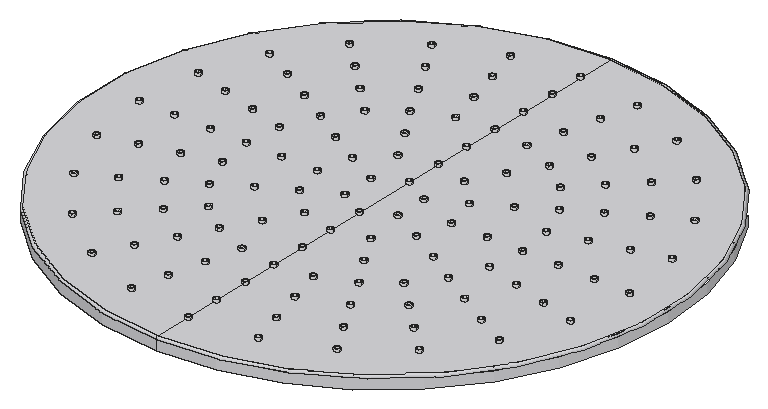
Revit family "Shower-Showerhead-KOHLER-Katalyst-K-99888T", category Plumbing Fixtures, host Face, Revit 2017
Family settings
  Host = Face
  Round Connector Dimension = Use Diameter
  Part Type = Normal
  OmniClass Number = 23.31.17.00
  OmniClass Title = Showers
  Cut with Voids When Loaded = No
  Shared = No
  Room Calculation Point = No
Parameters (values of type "CP- Polished Chrome")
  Width = 15 101/128"  # constant formula
  WaterSense Certified = 1 = 0  # no
  Waste Water Outlet = "Waste Water Outlet"  # constant formula
  Waste Connection = 1 = 0  # no
  Vent Connection = 1 = 0  # no
  URL = "http://www.kohler.com.cn/"
  Type = 1
  Tempered Water Inlet = "Tempered Water Inlet"  # constant formula
  Product Page URL = "https://www.kohler.com.cn/product/K-99888T-L-CP/K-99888T-L-CP/"
  Product Name = "KATALYST"  # constant formula
  Product Documentation Link = "https://files.kohler.com.cn/pdfs/1498801060247_99888T-L-CP.pdf"
  Pressure = 60.00 psi  # constant formula
  Model = "K-99888T-L-CP"  # constant formula
  Material = "Premium Metal Construction"  # constant formula
  Master Format 2014 Name = "Residential Showers"  # constant formula
  Master Format 2014 = "22 42 23"  # constant formula
  Manufacturer Address = "Kohler Beijing Office (100016) 36-2-03-B, No. 88, Liuxiang Road, Beijing"  # constant formula
  Manufacturer = "KOHLER Co."  # constant formula
  Length = 15 101/128"  # constant formula
  Hot Water Inlet = "Hot Water Inlet"  # constant formula
  Height = 2 73/256"  # constant formula
  HW Connection = 1 = 1  # yes
  Flow Rate = 6.5 GPM  # constant formula
  Finish = Kohler-Metal-CP-Polished_Chrome
  Environmental Product Declaration = ""
  Drain Included = 1 = 0  # no
  Description = "16' ROUND RAIN SHOWER"  # constant formula
  Default Elevation = 0"
  Declare Label = ""
  Date Modified = "12/23/2020"  # constant formula
  Date Created = "12/23/2020"  # constant formula
  Copyright = "Copyright KOHLER Co."  # constant formula
  Contact Us = "http://www.kohler.com.cn/contact/contact-us/"
  Cold Water Inlet = "Cold Water Inlet"  # constant formula
  CW Connection = 1 = 0  # no
  Assembly Code = "D2010700"
  ADA Compliant = 1 = 0  # no
Reference planes (in)
  plane 1 "Center (Front/Back)": y = 0
  plane 2: z = 0
  plane 3 "Center (Left/Right)": x = 0
  plane 4: x = -7.8937
  plane 5: y = 7.8937
  plane 6: y = -7.89536
  plane 7: x = 7.89536
  plane 8: z = 2.1696
  plane 9: z = 2.28516
  plane 10: z = 1.89401
Dimensions and locks (in)
  "Width": plane 4 to plane 7
  "Length": plane 6 to plane 5
  "Height": plane 9 to level
  plane 4 to plane 7 = 15 101/128"
  aligned and locked: plane 2 to host face
  aligned and locked: level to host face
  aligned and locked: plane 3 "Center (Left/Right)" to nested 1
  aligned and locked: plane 5 to nested 1
  aligned and locked: plane 6 to nested 1
  aligned and locked: plane 7 to nested 1
Automatic sketch dimensions
  host sketch curve to host sketch curve = 96"  (x2)
Nested families (in)
  nested 1: "K-99888T" at (0.00166, 0, 0), type "K-99888T"
Connectors (in)
  piping at (0.00166, 0, 0), diameter 0.5, driven by "Flow Rate", driven by "Pressure", driven by "HW Connection", driven by "Tempered Water Inlet"
    settings: on nested 1, index 1, connector inside diameter 24", connector length 0", flow factor 0, pipe flow 6.5 GPM, pressure drop 60.00 psi, fitting loss kfactor 0, connector angle 0.00°, fixture units 0, engagement length 0", angle of deflection 0.00°, flow configuration 1, flow direction 1, fitting loss method 4, system type 19, joint type 0, gender type 0, connector reference index -1, connector utility 1, adjustable connector no, is connector primary yes, connector description "Tempered Water Inlet"
Definition of nested family "K-99888T"
  Parameters (values of type "K-99888T")
    Material = none
  Reference planes (in)
    plane 1 "Center (Front/Back)": y = 0
    plane 2: z = 0
    plane 3 "Center (Left/Right)": x = 0
    plane 4: x = -7.8937
    plane 5: y = 7.8937
    plane 6: y = -7.8937
    plane 7: x = 7.8937
    plane 8: z = 2.28346
    plane 9: z = 2.22866
    plane 10: z = 1.89401
  Forms (in)
    Revolve 1, solid, material <- "Material", detail levels medium+fine
      sketch origin (0, 0, 0) x (0, 1, 0) y (0, 0, 1)
        loop
          line (0, 0) -> (0.43199, 0)
          arc (0.43199, 0) -> (0.44672, 0.0061) -> (0.45282, 0.02084) r 0.02084
          line (0.45282, 0.02084) -> (0.45282, 0.54243)
          arc (0.45282, 0.54243) -> (0.44893, 0.55746) -> (0.43824, 0.56871) r 0.03097
          arc (0.43824, 0.56871) -> (0.39666, 0.59364) -> (0.35422, 0.61709) r 1.3841
          line (0.35422, 0.61709) -> (0.35422, 0.73448)
          arc (0.35422, 0.73448) -> (0.4288, 0.83882) -> (0.47293, 0.95925) r 0.47767
          line (0.47293, 0.95925) -> (0.47293, 0.84705) -> (0.57121, 0.84705)
          arc (0.57121, 0.84705) -> (0.59905, 0.85859) -> (0.61058, 0.88642) r 0.03937
          line (0.61058, 0.88642) -> (0.61058, 1.23392)
          arc (0.61058, 1.23392) -> (0.62169, 1.26568) -> (0.65016, 1.2836) r 0.05098
          arc (0.65016, 1.2836) -> (0.67407, 1.29865) -> (0.68339, 1.32532) r 0.0428
          line (0.68339, 1.32532) -> (0.68339, 1.57236)
          arc (0.68339, 1.57236) -> (0.67674, 1.58843) -> (0.66066, 1.59509) r 0.02273
          line (0.66066, 1.59509) -> (0.45818, 1.59509) -> (0.48152, 1.61842) -> (0.62992, 1.61842) -> (0.62992, 1.93288) -> (7.82551, 1.93288) -> (7.82551, 1.89401) -> (7.8937, 1.89401) -> (7.8937, 2.1696)
          arc (7.8937, 2.1696) -> (7.8764, 2.21136) -> (7.83465, 2.22866) r 0.05906
          line (7.83465, 2.22866) -> (0, 2.22866) -> (0, 0)
        axis (0, 2.22866) -> (0, 0)
      angle from 0 to 360
    Extrusion 2, void
      sketch origin (0, 0, 0) x (0, 1, 0) y (0, 0, 1)
        loop
          line (0.62992, 1.6096) -> (0.62992, 1.18417) -> (0.82677, 1.18417) -> (0.82677, 1.6096) -> (0.62992, 1.6096)
      from -0.87985 to 1.37152
    Extrusion 3, void
      sketch origin (0, 0, 0) x (0, -1, 0) y (0, 0, -1)
        loop
          line (0.62992, -1.6096) -> (0.82677, -1.6096) -> (0.82677, -1.18417) -> (0.62992, -1.18417) -> (0.62992, -1.6096)
      from -0.87985 to 1.37152
    Extrusion 4, void
      sketch origin (0, 0, 0) x (1, 0, 0) y (0, 0, 1)
        loop
          line (-0.37872, 0.3937) -> (-0.37872, 0.6539) -> (-0.506, 0.6539) -> (-0.506, 0.3937) -> (-0.37872, 0.3937)
        loop
          line (-0.59055, 1.61842) -> (-0.59055, 1.93288) -> (-0.7874, 1.93288) -> (-0.7874, 1.61842) -> (-0.59055, 1.61842)
      from -1.20901 to 1.54561
    Extrusion 5, void
      sketch origin (0, 0, 0) x (-1, 0, 0) y (0, 0, -1)
        loop
          line (-0.37872, -0.3937) -> (-0.506, -0.3937) -> (-0.506, -0.6539) -> (-0.37872, -0.6539) -> (-0.37872, -0.3937)
        loop
          line (-0.59055, -1.61842) -> (-0.7874, -1.61842) -> (-0.7874, -1.93288) -> (-0.59055, -1.93288) -> (-0.59055, -1.61842)
      from -1.20901 to 1.54561
    Extrusion 6, solid, detail levels medium+fine
      sketch origin (0, 0, 0) x (1, 0, 0) y (0, 1, 0)
        loop
          circle (1.7553, 6.56862) r 0.07874
        loop
          circle (1.7553, 6.56862) r 0.05906
        loop
          circle (1.50056, 5.61791) r 0.07874
        loop
          circle (1.50056, 5.61791) r 0.05906
        loop
          circle (1.24194, 4.65276) r 0.07874
        loop
          circle (1.24194, 4.65276) r 0.05906
        loop
          circle (0.9872, 3.70204) r 0.07874
        loop
          circle (0.9872, 3.70204) r 0.05906
        loop
          circle (1.411, 2.47124) r 0.07874
        loop
          circle (1.411, 2.47124) r 0.05906
        loop
          circle (0.91888, 1.61885) r 0.07874
        loop
          circle (0.91888, 1.61885) r 0.05906
        loop
          circle (0.73411, 0.45229) r 0.07874
        loop
          circle (0.73411, 0.45229) r 0.05906
        loop
          circle (3.39733, 5.88949) r 0.07874
        loop
          circle (3.39733, 5.88949) r 0.05906
        loop
          circle (4.8091, 4.8063) r 0.07874
        loop
          circle (4.8091, 4.8063) r 0.05906
        loop
          circle (2.89866, 5.04087) r 0.07874
        loop
          circle (2.89866, 5.04087) r 0.05906
        loop
          circle (4.10886, 4.11459) r 0.07874
        loop
          circle (4.10886, 4.11459) r 0.05906
        loop
          circle (2.40134, 4.17422) r 0.07874
        loop
          circle (2.40134, 4.17422) r 0.05906
        loop
          circle (3.40232, 3.40805) r 0.07874
        loop
          circle (3.40232, 3.40805) r 0.05906
        loop
          circle (1.93719, 3.3056) r 0.07874
        loop
          circle (1.93719, 3.3056) r 0.05906
        loop
          circle (2.70956, 2.70887) r 0.07874
        loop
          circle (2.70956, 2.70887) r 0.05906
        loop
          circle (0, 5.81486) r 0.07874
        loop
          circle (0, 5.81486) r 0.05906
        loop
          circle (0, 4.81566) r 0.07874
        loop
          circle (0, 4.81566) r 0.05906
        loop
          circle (0, 3.83141) r 0.07874
        loop
          circle (0, 3.83141) r 0.05906
        loop
          circle (0, 2.84569) r 0.07874
        loop
          circle (0, 2.84569) r 0.05906
        loop
          circle (0, 1.86145) r 0.07874
        loop
          circle (0, 1.86145) r 0.05906
        loop
          circle (0, 0.86225) r 0.07874
        loop
          circle (0, 0.86225) r 0.05906
        loop
          circle (1.6189, 0.91879) r 0.07874
        loop
          circle (1.6189, 0.91879) r 0.05906
        loop
          circle (2.47488, 1.40459) r 0.07874
        loop
          circle (2.47488, 1.40459) r 0.05906
        loop
          circle (3.31138, 1.92729) r 0.07874
        loop
          circle (3.31138, 1.92729) r 0.05906
        loop
          circle (4.16204, 2.42239) r 0.07874
        loop
          circle (4.16204, 2.42239) r 0.05906
        loop
          circle (5.02562, 2.92502) r 0.07874
        loop
          circle (5.02562, 2.92502) r 0.05906
        loop
          circle (5.89521, 3.38739) r 0.07874
        loop
          circle (5.89521, 3.38739) r 0.05906
        loop
          circle (1.86145, 0) r 0.07874
        loop
          circle (1.86145, 0) r 0.05906
        loop
          circle (2.84569, 0) r 0.07874
        loop
          circle (2.84569, 0) r 0.05906
        loop
          circle (3.70247, 0.98561) r 0.07874
        loop
          circle (3.70247, 0.98561) r 0.05906
        loop
          circle (3.83141, 0) r 0.07874
        loop
          circle (3.83141, 0) r 0.05906
        loop
          circle (4.81566, 0) r 0.07874
        loop
          circle (4.81566, 0) r 0.05906
        loop
          circle (4.65118, 1.24784) r 0.07874
        loop
          circle (4.65118, 1.24784) r 0.05906
        loop
          circle (5.81486, 0) r 0.07874
        loop
          circle (5.81486, 0) r 0.05906
        loop
          circle (5.61779, 1.50099) r 0.07874
        loop
          circle (5.61779, 1.50099) r 0.05906
        loop
          circle (6.79911, 0) r 0.07874
        loop
          circle (6.79911, 0) r 0.05906
        loop
          circle (6.56759, 1.75917) r 0.07874
        loop
          circle (6.56759, 1.75917) r 0.05906
        loop
          circle (0, 6.79911) r 0.07874
        loop
          circle (0, 6.79911) r 0.05906
        loop
          circle (0, -5.81486) r 0.07874
        loop
          circle (0, -5.81486) r 0.05906
        loop
          circle (0, -4.81566) r 0.07874
        loop
          circle (0, -4.81566) r 0.05906
        loop
          circle (0, -3.83141) r 0.07874
        loop
          circle (0, -3.83141) r 0.05906
        loop
          circle (0, -2.84569) r 0.07874
        loop
          circle (0, -2.84569) r 0.05906
        loop
          circle (0, -1.86145) r 0.07874
        loop
          circle (0, -1.86145) r 0.05906
        loop
          circle (0, -0.86225) r 0.07874
        loop
          circle (0, -0.86225) r 0.05906
        loop
          circle (0, -6.79911) r 0.07874
        loop
          circle (0, -6.79911) r 0.05906
        loop
          circle (-1.7553, 6.56862) r 0.07874
        loop
          circle (-1.7553, 6.56862) r 0.05906
        loop
          circle (-1.50056, 5.61791) r 0.07874
        loop
          circle (-1.50056, 5.61791) r 0.05906
        loop
          circle (-1.24194, 4.65276) r 0.07874
        loop
          circle (-1.24194, 4.65276) r 0.05906
        loop
          circle (-0.9872, 3.70204) r 0.07874
        loop
          circle (-0.9872, 3.70204) r 0.05906
        loop
          circle (-1.411, 2.47124) r 0.07874
        loop
          circle (-1.411, 2.47124) r 0.05906
        loop
          circle (-0.91888, 1.61885) r 0.07874
        loop
          circle (-0.91888, 1.61885) r 0.05906
        loop
          circle (-0.73411, 0.45229) r 0.07874
        loop
          circle (-0.73411, 0.45229) r 0.05906
        loop
          circle (-3.39733, 5.88949) r 0.07874
        loop
          circle (-3.39733, 5.88949) r 0.05906
        loop
          circle (-4.8091, 4.8063) r 0.07874
        loop
          circle (-4.8091, 4.8063) r 0.05906
        loop
          circle (-2.89866, 5.04087) r 0.07874
        loop
          circle (-2.89866, 5.04087) r 0.05906
        loop
          circle (-4.10886, 4.11459) r 0.07874
        loop
          circle (-4.10886, 4.11459) r 0.05906
        loop
          circle (-2.40134, 4.17422) r 0.07874
        loop
          circle (-2.40134, 4.17422) r 0.05906
        loop
          circle (-3.40232, 3.40805) r 0.07874
        loop
          circle (-3.40232, 3.40805) r 0.05906
        loop
          circle (-1.93719, 3.3056) r 0.07874
        loop
          circle (-1.93719, 3.3056) r 0.05906
        loop
          circle (-2.70956, 2.70887) r 0.07874
        loop
          circle (-2.70956, 2.70887) r 0.05906
        loop
          circle (-1.6189, 0.91879) r 0.07874
        loop
          circle (-1.6189, 0.91879) r 0.05906
        loop
          circle (-2.47488, 1.40459) r 0.07874
        loop
          circle (-2.47488, 1.40459) r 0.05906
        loop
          circle (-3.31138, 1.92729) r 0.07874
        loop
          circle (-3.31138, 1.92729) r 0.05906
        loop
          circle (-4.16204, 2.42239) r 0.07874
        loop
          circle (-4.16204, 2.42239) r 0.05906
        loop
          circle (-5.02562, 2.92502) r 0.07874
        loop
          circle (-5.02562, 2.92502) r 0.05906
        loop
          circle (-5.89521, 3.38739) r 0.07874
        loop
          circle (-5.89521, 3.38739) r 0.05906
        loop
          circle (-1.86145, 0) r 0.07874
        loop
          circle (-1.86145, 0) r 0.05906
        loop
          circle (-2.84569, 0) r 0.07874
        loop
          circle (-2.84569, 0) r 0.05906
        loop
          circle (-3.70247, 0.98561) r 0.07874
        loop
          circle (-3.70247, 0.98561) r 0.05906
        loop
          circle (-3.83141, 0) r 0.07874
        loop
          circle (-3.83141, 0) r 0.05906
        loop
          circle (-4.81566, 0) r 0.07874
        loop
          circle (-4.81566, 0) r 0.05906
        loop
          circle (-4.65118, 1.24784) r 0.07874
        loop
          circle (-4.65118, 1.24784) r 0.05906
        loop
          circle (-5.81486, 0) r 0.07874
        loop
          circle (-5.81486, 0) r 0.05906
        loop
          circle (-5.61779, 1.50099) r 0.07874
        loop
          circle (-5.61779, 1.50099) r 0.05906
        loop
          circle (-6.79911, 0) r 0.07874
        loop
          circle (-6.79911, 0) r 0.05906
        loop
          circle (-6.56759, 1.75917) r 0.07874
        loop
          circle (-6.56759, 1.75917) r 0.05906
        loop
          circle (-1.7553, -6.56862) r 0.07874
        loop
          circle (-1.7553, -6.56862) r 0.05906
        loop
          circle (-1.50056, -5.61791) r 0.07874
        loop
          circle (-1.50056, -5.61791) r 0.05906
        loop
          circle (-1.24194, -4.65276) r 0.07874
        loop
          circle (-1.24194, -4.65276) r 0.05906
        loop
          circle (-0.9872, -3.70204) r 0.07874
        loop
          circle (-0.9872, -3.70204) r 0.05906
        loop
          circle (-1.411, -2.47124) r 0.07874
        loop
          circle (-1.411, -2.47124) r 0.05906
        loop
          circle (-0.91888, -1.61885) r 0.07874
        loop
          circle (-0.91888, -1.61885) r 0.05906
        loop
          circle (-0.73411, -0.45229) r 0.07874
        loop
          circle (-0.73411, -0.45229) r 0.05906
        loop
          circle (-3.39733, -5.88949) r 0.07874
        loop
          circle (-3.39733, -5.88949) r 0.05906
        loop
          circle (-4.8091, -4.8063) r 0.07874
        loop
          circle (-4.8091, -4.8063) r 0.05906
        loop
          circle (-2.89866, -5.04087) r 0.07874
        loop
          circle (-2.89866, -5.04087) r 0.05906
        loop
          circle (-4.10886, -4.11459) r 0.07874
        loop
          circle (-4.10886, -4.11459) r 0.05906
        loop
          circle (-2.40134, -4.17422) r 0.07874
        loop
          circle (-2.40134, -4.17422) r 0.05906
        loop
          circle (-3.40232, -3.40805) r 0.07874
        loop
          circle (-3.40232, -3.40805) r 0.05906
        loop
          circle (-1.93719, -3.3056) r 0.07874
        loop
          circle (-1.93719, -3.3056) r 0.05906
        loop
          circle (-2.70956, -2.70887) r 0.07874
        loop
          circle (-2.70956, -2.70887) r 0.05906
        loop
          circle (-1.6189, -0.91879) r 0.07874
        loop
          circle (-1.6189, -0.91879) r 0.05906
        loop
          circle (-2.47488, -1.40459) r 0.07874
        loop
          circle (-2.47488, -1.40459) r 0.05906
        loop
          circle (-3.31138, -1.92729) r 0.07874
        loop
          circle (-3.31138, -1.92729) r 0.05906
        loop
          circle (-4.16204, -2.42239) r 0.07874
        loop
          circle (-4.16204, -2.42239) r 0.05906
        loop
          circle (-5.02562, -2.92502) r 0.07874
        loop
          circle (-5.02562, -2.92502) r 0.05906
        loop
          circle (-5.89521, -3.38739) r 0.07874
        loop
          circle (-5.89521, -3.38739) r 0.05906
        loop
          circle (-3.70247, -0.98561) r 0.07874
        loop
          circle (-3.70247, -0.98561) r 0.05906
        loop
          circle (-4.65118, -1.24784) r 0.07874
        loop
          circle (-4.65118, -1.24784) r 0.05906
        loop
          circle (-5.61779, -1.50099) r 0.07874
        loop
          circle (-5.61779, -1.50099) r 0.05906
        loop
          circle (-6.56759, -1.75917) r 0.07874
        loop
          circle (-6.56759, -1.75917) r 0.05906
        loop
          circle (1.7553, -6.56862) r 0.07874
        loop
          circle (1.7553, -6.56862) r 0.05906
        loop
          circle (1.50056, -5.61791) r 0.07874
        loop
          circle (1.50056, -5.61791) r 0.05906
        loop
          circle (1.24194, -4.65276) r 0.07874
        loop
          circle (1.24194, -4.65276) r 0.05906
        loop
          circle (0.9872, -3.70204) r 0.07874
        loop
          circle (0.9872, -3.70204) r 0.05906
        loop
          circle (1.411, -2.47124) r 0.07874
        loop
          circle (1.411, -2.47124) r 0.05906
        loop
          circle (0.91888, -1.61885) r 0.07874
        loop
          circle (0.91888, -1.61885) r 0.05906
        loop
          circle (0.73411, -0.45229) r 0.07874
        loop
          circle (0.73411, -0.45229) r 0.05906
        loop
          circle (3.39733, -5.88949) r 0.07874
        loop
          circle (3.39733, -5.88949) r 0.05906
        loop
          circle (4.8091, -4.8063) r 0.07874
        loop
          circle (4.8091, -4.8063) r 0.05906
        loop
          circle (2.89866, -5.04087) r 0.07874
        loop
          circle (2.89866, -5.04087) r 0.05906
        loop
          circle (4.10886, -4.11459) r 0.07874
        loop
          circle (4.10886, -4.11459) r 0.05906
        loop
          circle (2.40134, -4.17422) r 0.07874
        loop
          circle (2.40134, -4.17422) r 0.05906
        loop
          circle (3.40232, -3.40805) r 0.07874
        loop
          circle (3.40232, -3.40805) r 0.05906
        loop
          circle (1.93719, -3.3056) r 0.07874
        loop
          circle (1.93719, -3.3056) r 0.05906
        loop
          circle (2.70956, -2.70887) r 0.07874
        loop
          circle (2.70956, -2.70887) r 0.05906
        loop
          circle (1.6189, -0.91879) r 0.07874
        loop
          circle (1.6189, -0.91879) r 0.05906
        loop
          circle (2.47488, -1.40459) r 0.07874
        loop
          circle (2.47488, -1.40459) r 0.05906
        loop
          circle (3.31138, -1.92729) r 0.07874
        loop
          circle (3.31138, -1.92729) r 0.05906
        loop
          circle (4.16204, -2.42239) r 0.07874
        loop
          circle (4.16204, -2.42239) r 0.05906
        loop
          circle (5.02562, -2.92502) r 0.07874
        loop
          circle (5.02562, -2.92502) r 0.05906
        loop
          circle (5.89521, -3.38739) r 0.07874
        loop
          circle (5.89521, -3.38739) r 0.05906
        loop
          circle (3.70247, -0.98561) r 0.07874
        loop
          circle (3.70247, -0.98561) r 0.05906
        loop
          circle (4.65118, -1.24784) r 0.07874
        loop
          circle (4.65118, -1.24784) r 0.05906
        loop
          circle (5.61779, -1.50099) r 0.07874
        loop
          circle (5.61779, -1.50099) r 0.05906
        loop
          circle (6.56759, -1.75917) r 0.07874
        loop
          circle (6.56759, -1.75917) r 0.05906
      from 2.17829 to 2.28346
    Revolve 7, solid, material <- "Material", detail levels coarse
      sketch origin (0, 0, 0) x (0, 1, 0) y (0, 0, 1)
        loop
          line (0, 2.28346) -> (0, 0) -> (0.61024, 0) -> (0.61024, 1.69291) -> (7.8937, 1.69291) -> (7.8937, 2.28346) -> (0, 2.28346)
        axis (0, 2.28346) -> (0, 0)
      angle from 0 to 360
    Extrusion 8, solid, material <- "Material", detail levels medium+fine
      sketch origin (0, 0, 0) x (1, 0, 0) y (0, 1, 0)
        loop
          circle (0, 0) r 0.31496
      from 0 to 0.15298
  Cuts and joins
    Extrusion 2, Extrusion 3, Extrusion 4, Extrusion 5 cuts Revolve 1
  Lines and regions (in)
    Masking region 1
      outline origin (0, 0, 0) x (1, 0, 0) y (0, 1, 0)
        loop
          circle (0, 0) r 7.8937
    Masking region 2
      outline origin (0, 0, 0) x (0, 1, 0) y (0, 0, 1)
        loop
          line (0, 0) -> (0.43199, 0)
          arc (0.43199, 0) -> (0.44672, 0.0061) -> (0.45282, 0.02084) r 0.02084
          line (0.45282, 0.02084) -> (0.45282, 0.54243)
          arc (0.45282, 0.54243) -> (0.44893, 0.55746) -> (0.43824, 0.56871) r 0.03097
          arc (0.43824, 0.56871) -> (0.39666, 0.59364) -> (0.35422, 0.61709) r 1.3841
          line (0.35422, 0.61709) -> (0.35422, 0.73448)
          arc (0.35422, 0.73448) -> (0.3977, 0.78792) -> (0.43305, 0.84705) r 0.47767
          line (0.43305, 0.84705) -> (0.57121, 0.84705)
          arc (0.57121, 0.84705) -> (0.59905, 0.85859) -> (0.61058, 0.88642) r 0.03937
          line (0.61058, 0.88642) -> (0.61058, 1.23392)
          arc (0.61058, 1.23392) -> (0.61567, 1.25612) -> (0.62992, 1.27389) r 0.05098
          line (0.62992, 1.27389) -> (0.62992, 1.59509) -> (0.45818, 1.59509) -> (0.48152, 1.61842) -> (0.62992, 1.61842) -> (0.62992, 1.89401) -> (7.8937, 1.89401) -> (7.8937, 2.1696)
          arc (7.8937, 2.1696) -> (7.8764, 2.21136) -> (7.83465, 2.22866) r 0.05906
          line (7.83465, 2.22866) -> (6.87785, 2.22866) -> (6.87785, 2.28346) -> (6.72098, 2.28346) -> (6.72098, 2.22866) -> (6.64765, 2.22866) -> (6.64765, 2.28346) -> (6.48975, 2.28346) -> (6.48975, 2.22866) -> (5.9683, 2.22866) -> (5.9683, 2.28346) -> (5.73637, 2.28346) -> (5.73637, 2.22866) -> (5.69636, 2.22866) -> (5.69636, 2.28346) -> (5.5391, 2.28346) -> (5.5391, 2.22866) -> (5.12092, 2.22866) -> (5.12092, 2.28346) -> (4.96101, 2.28346) -> (4.96101, 2.22866) -> (4.89387, 2.22866) -> (4.89387, 2.28346) -> (4.57396, 2.28346) -> (4.57396, 2.22866) -> (4.25362, 2.22866) -> (4.25362, 2.28346) -> (4.03548, 2.28346) -> (4.03548, 2.22866) -> (3.91203, 2.22866) -> (3.91203, 2.28346) -> (3.62239, 2.28346) -> (3.62239, 2.22866) -> (3.48719, 2.22866) -> (3.48719, 2.28346) -> (3.22737, 2.28346) -> (3.22737, 2.22866) -> (3.00323, 2.22866) -> (3.00323, 2.28346) -> (2.62941, 2.28346) -> (2.62941, 2.22866) -> (2.55067, 2.22866) -> (2.55067, 2.28346) -> (2.34399, 2.28346) -> (2.34399, 2.22866) -> (2.00629, 2.22866) -> (2.00629, 2.28346) -> (1.68032, 2.28346) -> (1.68032, 2.22866) -> (1.58084, 2.22866) -> (1.58084, 2.28346) -> (1.16626, 2.28346) -> (1.16626, 2.22866) -> (1.06536, 2.22866) -> (1.06536, 2.28346) -> (0.77892, 2.28346) -> (0.77892, 2.22866) -> (0.52971, 2.22866) -> (0.52971, 2.28346) -> (0.3738, 2.28346) -> (0.3738, 2.22866) -> (0.07782, 2.22866) -> (0.07782, 2.28346) -> (-0.07782, 2.28346) -> (-0.07782, 2.22866) -> (-0.3738, 2.22866) -> (-0.3738, 2.28346) -> (-0.52971, 2.28346) -> (-0.52971, 2.22866) -> (-0.77892, 2.22866) -> (-0.77892, 2.28346) -> (-1.06536, 2.28346) -> (-1.06536, 2.22866) -> (-1.16626, 2.22866) -> (-1.16626, 2.28346) -> (-1.33208, 2.28346) -> (-1.33208, 2.22866) -> (-1.41678, 2.22866) -> (-1.41678, 2.28346) -> (-1.58765, 2.28346) -> (-2.00629, 2.28346) -> (-2.00629, 2.22866) -> (-2.34399, 2.22866) -> (-2.34399, 2.28346) -> (-2.55067, 2.28346) -> (-2.55067, 2.22866) -> (-2.62941, 2.22866) -> (-2.62941, 2.28346) -> (-3.00323, 2.28346) -> (-3.00323, 2.22866) -> (-3.22737, 2.22866) -> (-3.22737, 2.28346) -> (-3.48719, 2.28346) -> (-3.48719, 2.22866) -> (-3.62239, 2.22866) -> (-3.62239, 2.28346) -> (-3.91203, 2.28346) -> (-3.91203, 2.22866) -> (-4.03548, 2.22866) -> (-4.03548, 2.28346) -> (-4.25362, 2.28346) -> (-4.25362, 2.22866) -> (-4.57396, 2.22866) -> (-4.57396, 2.28346) -> (-4.89387, 2.28346) -> (-4.89387, 2.22866) -> (-4.96101, 2.22866) -> (-4.96101, 2.28346) -> (-5.12092, 2.28346) -> (-5.12092, 2.22866) -> (-5.5391, 2.22866) -> (-5.5391, 2.28346) -> (-5.69636, 2.28346) -> (-5.69636, 2.22866) -> (-5.73637, 2.22866) -> (-5.73637, 2.28346) -> (-5.9683, 2.28346) -> (-5.9683, 2.22866) -> (-6.48975, 2.22866) -> (-6.48975, 2.28346) -> (-6.64765, 2.28346) -> (-6.64765, 2.22866) -> (-6.72098, 2.22866) -> (-6.72098, 2.28346) -> (-6.87785, 2.28346) -> (-6.87785, 2.22866) -> (-7.83465, 2.22866)
          arc (-7.83465, 2.22866) -> (-7.8764, 2.21136) -> (-7.8937, 2.1696) r 0.05906
          line (-7.8937, 2.1696) -> (-7.8937, 1.89401) -> (-0.62992, 1.89401) -> (-0.62992, 1.61842) -> (-0.48152, 1.61842) -> (-0.45818, 1.59509) -> (-0.62992, 1.59509) -> (-0.62992, 1.27389)
          arc (-0.62992, 1.27389) -> (-0.61567, 1.25612) -> (-0.61058, 1.23392) r 0.05098
          line (-0.61058, 1.23392) -> (-0.61058, 0.88642)
          arc (-0.61058, 0.88642) -> (-0.59905, 0.85859) -> (-0.57121, 0.84705) r 0.03937
          line (-0.57121, 0.84705) -> (-0.43305, 0.84705)
          arc (-0.43305, 0.84705) -> (-0.3977, 0.78792) -> (-0.35422, 0.73448) r 0.47767
          line (-0.35422, 0.73448) -> (-0.35422, 0.61709)
          arc (-0.35422, 0.61709) -> (-0.39666, 0.59364) -> (-0.43824, 0.56871) r 1.3841
          arc (-0.43824, 0.56871) -> (-0.44893, 0.55746) -> (-0.45282, 0.54243) r 0.03097
          line (-0.45282, 0.54243) -> (-0.45282, 0.02084)
          arc (-0.45282, 0.02084) -> (-0.44672, 0.0061) -> (-0.43199, 0) r 0.02084
          line (-0.43199, 0) -> (0, 0)
    Masking region 3
      outline origin (0, 0, 0) x (1, 0, 0) y (0, 0, 1)
        loop
          line (0, 0) -> (0.43199, 0)
          arc (0.43199, 0) -> (0.44672, 0.0061) -> (0.45282, 0.02084) r 0.02084
          line (0.45282, 0.02084) -> (0.45282, 0.3937) -> (0.39666, 0.3937) -> (0.39666, 0.59363)
          arc (0.39666, 0.59363) -> (0.37555, 0.60555) -> (0.35422, 0.61709) r 1.3841
          line (0.35422, 0.61709) -> (0.35422, 0.73448)
          arc (0.35422, 0.73448) -> (0.3977, 0.78792) -> (0.43305, 0.84705) r 0.47767
          line (0.43305, 0.84705) -> (0.57121, 0.84705)
          arc (0.57121, 0.84705) -> (0.59905, 0.85859) -> (0.61058, 0.88642) r 0.03937
          line (0.61058, 0.88642) -> (0.61058, 1.23392)
          arc (0.61058, 1.23392) -> (0.62099, 1.26478) -> (0.64795, 1.28304) r 0.05098
          arc (0.64795, 1.28304) -> (0.67467, 1.30114) -> (0.68498, 1.33172) r 0.05051
          line (0.68498, 1.33172) -> (0.68498, 1.56753)
          arc (0.68498, 1.56753) -> (0.6769, 1.58701) -> (0.65742, 1.59509) r 0.02756
          line (0.65742, 1.59509) -> (0.45818, 1.59509) -> (0.48152, 1.61842) -> (0.59055, 1.61842) -> (0.59055, 1.89401) -> (7.8937, 1.89401) -> (7.8937, 2.1696)
          arc (7.8937, 2.1696) -> (7.8764, 2.21136) -> (7.83465, 2.22866) r 0.05906
          line (7.83465, 2.22866) -> (6.87785, 2.22866) -> (6.87785, 2.28346) -> (6.72098, 2.28346) -> (6.72098, 2.22866) -> (6.64765, 2.22866) -> (6.64765, 2.28346) -> (6.48975, 2.28346) -> (6.48975, 2.22866) -> (5.97617, 2.22866) -> (5.97617, 2.28346) -> (5.73637, 2.28346) -> (5.73637, 2.22866) -> (5.69636, 2.22866) -> (5.69636, 2.28346) -> (5.5391, 2.28346) -> (5.5391, 2.22866) -> (5.1054, 2.22866) -> (5.1054, 2.28346) -> (4.94485, 2.28346) -> (4.94485, 2.22866) -> (4.89387, 2.22866) -> (4.89387, 2.28346) -> (4.57396, 2.28346) -> (4.57396, 2.22866) -> (4.24457, 2.22866) -> (4.24457, 2.28346) -> (4.02773, 2.28346) -> (4.02773, 2.22866) -> (3.91203, 2.22866) -> (3.91203, 2.28346) -> (3.62239, 2.28346) -> (3.62239, 2.22866) -> (3.48719, 2.22866) -> (3.48719, 2.28346) -> (3.22737, 2.28346) -> (3.22737, 2.22866) -> (3.00323, 2.22866) -> (3.00323, 2.28346) -> (2.62941, 2.28346) -> (2.62941, 2.22866) -> (2.55751, 2.22866) -> (2.55751, 2.28346) -> (2.32005, 2.28346) -> (2.32005, 2.22866) -> (2.01809, 2.22866) -> (2.01809, 2.28346) -> (1.58765, 2.28346) -> (1.35902, 2.28346) -> (1.16031, 2.28346) -> (1.16031, 2.22866) -> (1.06536, 2.22866) -> (1.06536, 2.28346) -> (0.65209, 2.28346) -> (0.65209, 2.22866) -> (0.49939, 2.22866) -> (0.07782, 2.22866) -> (0.07782, 2.28346) -> (-0.07782, 2.28346) -> (-0.07782, 2.22866) -> (-0.47962, 2.22866) -> (-0.65209, 2.22866) -> (-0.65209, 2.28346) -> (-1.06536, 2.28346) -> (-1.06536, 2.22866) -> (-1.16626, 2.22866) -> (-1.16626, 2.28346) -> (-1.64823, 2.28346) -> (-2.01907, 2.28346) -> (-2.01907, 2.22866) -> (-2.31912, 2.22866) -> (-2.31912, 2.28346) -> (-2.55517, 2.28346) -> (-2.55517, 2.22866) -> (-2.62941, 2.22866) -> (-2.62941, 2.28346) -> (-3.00323, 2.28346) -> (-3.00323, 2.22866) -> (-3.22737, 2.22866) -> (-3.22737, 2.28346) -> (-3.48719, 2.28346) -> (-3.48719, 2.22866) -> (-3.62239, 2.22866) -> (-3.62239, 2.28346) -> (-3.91203, 2.28346) -> (-3.91203, 2.22866) -> (-4.02565, 2.22866) -> (-4.02565, 2.28346) -> (-4.25362, 2.28346) -> (-4.25362, 2.22866) -> (-4.57396, 2.22866) -> (-4.57396, 2.28346) -> (-4.89387, 2.28346) -> (-4.89387, 2.22866) -> (-4.94317, 2.22866) -> (-4.94317, 2.28346) -> (-5.12092, 2.28346) -> (-5.12092, 2.22866) -> (-5.5391, 2.22866) -> (-5.5391, 2.28346) -> (-5.69636, 2.28346) -> (-5.69636, 2.22866) -> (-5.73637, 2.22866) -> (-5.73637, 2.28346) -> (-5.97495, 2.28346) -> (-5.97495, 2.22866) -> (-6.48975, 2.22866) -> (-6.48975, 2.28346) -> (-6.64765, 2.28346) -> (-6.64765, 2.22866) -> (-6.72098, 2.22866) -> (-6.72098, 2.28346) -> (-6.87785, 2.28346) -> (-6.87785, 2.22866) -> (-7.83465, 2.22866)
          arc (-7.83465, 2.22866) -> (-7.8764, 2.21136) -> (-7.8937, 2.1696) r 0.05906
          line (-7.8937, 2.1696) -> (-7.8937, 1.89401) -> (-0.59055, 1.89401) -> (-0.59055, 1.61842) -> (-0.48152, 1.61842) -> (-0.45818, 1.59509) -> (-0.65776, 1.59509)
          arc (-0.65776, 1.59509) -> (-0.67725, 1.58701) -> (-0.68532, 1.56753) r 0.02756
          line (-0.68532, 1.56753) -> (-0.68532, 1.32701)
          arc (-0.68532, 1.32701) -> (-0.67555, 1.29923) -> (-0.65054, 1.28369) r 0.04437
          arc (-0.65054, 1.28369) -> (-0.62181, 1.26583) -> (-0.61058, 1.23392) r 0.05098
          line (-0.61058, 1.23392) -> (-0.61058, 0.88642)
          arc (-0.61058, 0.88642) -> (-0.59905, 0.85859) -> (-0.57121, 0.84705) r 0.03937
          line (-0.57121, 0.84705) -> (-0.43305, 0.84705)
          arc (-0.43305, 0.84705) -> (-0.3977, 0.78792) -> (-0.35422, 0.73448) r 0.47767
          line (-0.35422, 0.73448) -> (-0.35422, 0.61709)
          arc (-0.35422, 0.61709) -> (-0.37479, 0.60597) -> (-0.39517, 0.59449) r 1.3841
          line (-0.39517, 0.59449) -> (-0.39517, 0.3937) -> (-0.45282, 0.3937) -> (-0.45282, 0.02084)
          arc (-0.45282, 0.02084) -> (-0.44672, 0.0061) -> (-0.43199, 0) r 0.02084
          line (-0.43199, 0) -> (0, 0)
    symbolic lines, detail levels medium+fine
      curve 1: arc (3.47607, 5.88949, 0) -> (3.39733, 5.96823, 0) -> (3.31859, 5.88949, 0) r 0.07874
      curve 2: arc (3.31859, 5.88949, 0) -> (3.39733, 5.81075, 0) -> (3.47607, 5.88949, 0) r 0.07874
      curve 3: arc (1.83404, 6.56862, 0) -> (1.7553, 6.64736, 0) -> (1.67656, 6.56862, 0) r 0.07874
      curve 4: arc (1.67656, 6.56862, 0) -> (1.7553, 6.48988, 0) -> (1.83404, 6.56862, 0) r 0.07874
      curve 5: arc (0.07874, 5.81486, 0) -> (0, 5.8936, 0) -> (-0.07874, 5.81486, 0) r 0.07874
      curve 6: arc (-0.07874, 5.81486, 0) -> (0, 5.73612, 0) -> (0.07874, 5.81486, 0) r 0.07874
      curve 7: arc (0.07874, 4.81566, 0) -> (0, 4.8944, 0) -> (-0.07874, 4.81566, 0) r 0.07874
      curve 8: arc (-0.07874, 4.81566, 0) -> (0, 4.73692, 0) -> (0.07874, 4.81566, 0) r 0.07874
      curve 9: arc (0.07874, 6.79911, 0) -> (0, 6.87785, 0) -> (-0.07874, 6.79911, 0) r 0.07874
      curve 10: arc (-0.07874, 6.79911, 0) -> (0, 6.72037, 0) -> (0.07874, 6.79911, 0) r 0.07874
      curve 11: arc (1.5793, 5.61791, 0) -> (1.50056, 5.69665, 0) -> (1.42182, 5.61791, 0) r 0.07874
      curve 12: arc (1.42182, 5.61791, 0) -> (1.50056, 5.53917, 0) -> (1.5793, 5.61791, 0) r 0.07874
      curve 13: arc (2.9774, 5.04087, 0) -> (2.89866, 5.11961, 0) -> (2.81992, 5.04087, 0) r 0.07874
      curve 14: arc (2.81992, 5.04087, 0) -> (2.89866, 4.96213, 0) -> (2.9774, 5.04087, 0) r 0.07874
      curve 15: arc (1.32068, 4.65276, 0) -> (1.24194, 4.7315, 0) -> (1.1632, 4.65276, 0) r 0.07874
      curve 16: arc (1.1632, 4.65276, 0) -> (1.24194, 4.57402, 0) -> (1.32068, 4.65276, 0) r 0.07874
      curve 17: arc (0.07874, 3.83141, 0) -> (0, 3.91015, 0) -> (-0.07874, 3.83141, 0) r 0.07874
      curve 18: arc (-0.07874, 3.83141, 0) -> (0, 3.75267, 0) -> (0.07874, 3.83141, 0) r 0.07874
      curve 19: arc (0.07874, 2.84569, 0) -> (0, 2.92443, 0) -> (-0.07874, 2.84569, 0) r 0.07874
      curve 20: arc (-0.07874, 2.84569, 0) -> (0, 2.76695, 0) -> (0.07874, 2.84569, 0) r 0.07874
      curve 21: arc (1.06594, 3.70204, 0) -> (0.9872, 3.78078, 0) -> (0.90846, 3.70204, 0) r 0.07874
      curve 22: arc (0.90846, 3.70204, 0) -> (0.9872, 3.6233, 0) -> (1.06594, 3.70204, 0) r 0.07874
      curve 23: arc (2.01593, 3.3056, 0) -> (1.93719, 3.38434, 0) -> (1.85845, 3.3056, 0) r 0.07874
      curve 24: arc (1.85845, 3.3056, 0) -> (1.93719, 3.22686, 0) -> (2.01593, 3.3056, 0) r 0.07874
      curve 25: arc (2.48008, 4.17422, 0) -> (2.40134, 4.25296, 0) -> (2.3226, 4.17422, 0) r 0.07874
      curve 26: arc (2.3226, 4.17422, 0) -> (2.40134, 4.09548, 0) -> (2.48008, 4.17422, 0) r 0.07874
      curve 27: arc (1.48974, 2.47124, 0) -> (1.411, 2.54998, 0) -> (1.33226, 2.47124, 0) r 0.07874
      curve 28: arc (1.33226, 2.47124, 0) -> (1.411, 2.3925, 0) -> (1.48974, 2.47124, 0) r 0.07874
      curve 29: arc (2.7883, 2.70887, 0) -> (2.70956, 2.78761, 0) -> (2.63082, 2.70887, 0) r 0.07874
      curve 30: arc (2.63082, 2.70887, 0) -> (2.70956, 2.63013, 0) -> (2.7883, 2.70887, 0) r 0.07874
      curve 31: arc (3.48077, 3.40135, 0) -> (3.40203, 3.48009, 0) -> (3.32329, 3.40135, 0) r 0.07874
      curve 32: arc (3.32329, 3.40135, 0) -> (3.40203, 3.32261, 0) -> (3.48077, 3.40135, 0) r 0.07874
      curve 33: arc (4.24078, 2.42239, 0) -> (4.16204, 2.50113, 0) -> (4.0833, 2.42239, 0) r 0.07874
      curve 34: arc (4.0833, 2.42239, 0) -> (4.16204, 2.34365, 0) -> (4.24078, 2.42239, 0) r 0.07874
      curve 35: arc (5.10436, 2.92502, 0) -> (5.02562, 3.00376, 0) -> (4.94688, 2.92502, 0) r 0.07874
      curve 36: arc (4.94688, 2.92502, 0) -> (5.02562, 2.84628, 0) -> (5.10436, 2.92502, 0) r 0.07874
      curve 37: arc (4.1876, 4.11459, 0) -> (4.10886, 4.19333, 0) -> (4.03012, 4.11459, 0) r 0.07874
      curve 38: arc (4.03012, 4.11459, 0) -> (4.10886, 4.03585, 0) -> (4.1876, 4.11459, 0) r 0.07874
      curve 39: arc (5.97395, 3.38739, 0) -> (5.89521, 3.46613, 0) -> (5.81647, 3.38739, 0) r 0.07874
      curve 40: arc (5.81647, 3.38739, 0) -> (5.89521, 3.30865, 0) -> (5.97395, 3.38739, 0) r 0.07874
      curve 41: arc (4.88784, 4.8063, 0) -> (4.8091, 4.88504, 0) -> (4.73036, 4.8063, 0) r 0.07874
      curve 42: arc (4.73036, 4.8063, 0) -> (4.8091, 4.72756, 0) -> (4.88784, 4.8063, 0) r 0.07874
      curve 43: arc (6.64633, 1.75917, 0) -> (6.56759, 1.83791, 0) -> (6.48885, 1.75917, 0) r 0.07874
      curve 44: arc (6.48885, 1.75917, 0) -> (6.56759, 1.68043, 0) -> (6.64633, 1.75917, 0) r 0.07874
      curve 45: arc (5.69653, 1.50099, 0) -> (5.61779, 1.57973, 0) -> (5.53905, 1.50099, 0) r 0.07874
      curve 46: arc (5.53905, 1.50099, 0) -> (5.61779, 1.42225, 0) -> (5.69653, 1.50099, 0) r 0.07874
      curve 47: arc (6.87785, 0, 0) -> (6.79911, 0.07874, 0) -> (6.72037, 0, 0) r 0.07874
      curve 48: arc (6.72037, 0, 0) -> (6.79911, -0.07874, 0) -> (6.87785, 0, 0) r 0.07874
      curve 49: arc (5.8936, 0, 0) -> (5.81486, 0.07874, 0) -> (5.73612, 0, 0) r 0.07874
      curve 50: arc (5.73612, 0, 0) -> (5.81486, -0.07874, 0) -> (5.8936, 0, 0) r 0.07874
      curve 51: arc (4.8944, 0, 0) -> (4.81566, 0.07874, 0) -> (4.73692, 0, 0) r 0.07874
      curve 52: arc (4.73692, 0, 0) -> (4.81566, -0.07874, 0) -> (4.8944, 0, 0) r 0.07874
      curve 53: arc (3.91015, 0, 0) -> (3.83141, 0.07874, 0) -> (3.75267, 0, 0) r 0.07874
      curve 54: arc (3.75267, 0, 0) -> (3.83141, -0.07874, 0) -> (3.91015, 0, 0) r 0.07874
      curve 55: arc (2.92443, 0, 0) -> (2.84569, 0.07874, 0) -> (2.76695, 0, 0) r 0.07874
      curve 56: arc (2.76695, 0, 0) -> (2.84569, -0.07874, 0) -> (2.92443, 0, 0) r 0.07874
      curve 57: arc (1.94019, 0, 0) -> (1.86145, 0.07874, 0) -> (1.78271, 0, 0) r 0.07874
      curve 58: arc (1.78271, 0, 0) -> (1.86145, -0.07874, 0) -> (1.94019, 0, 0) r 0.07874
      curve 59: arc (3.78121, 0.98561, 0) -> (3.70247, 1.06435, 0) -> (3.62373, 0.98561, 0) r 0.07874
      curve 60: arc (3.62373, 0.98561, 0) -> (3.70247, 0.90687, 0) -> (3.78121, 0.98561, 0) r 0.07874
      curve 61: arc (1.6976, 0.92122, 0) -> (1.61886, 0.99996, 0) -> (1.54012, 0.92122, 0) r 0.07874
      curve 62: arc (1.54012, 0.92122, 0) -> (1.61886, 0.84248, 0) -> (1.6976, 0.92122, 0) r 0.07874
      curve 63: arc (0.81285, 0.45229, 0) -> (0.73411, 0.53103, 0) -> (0.65537, 0.45229, 0) r 0.07874
      curve 64: arc (0.65537, 0.45229, 0) -> (0.73411, 0.37355, 0) -> (0.81285, 0.45229, 0) r 0.07874
      curve 65: arc (0.07874, 1.86145, 0) -> (0, 1.94019, 0) -> (-0.07874, 1.86145, 0) r 0.07874
      curve 66: arc (-0.07874, 1.86145, 0) -> (0, 1.78271, 0) -> (0.07874, 1.86145, 0) r 0.07874
      curve 67: arc (0.07874, 0.86225, 0) -> (0, 0.94099, 0) -> (-0.07874, 0.86225, 0) r 0.07874
      curve 68: arc (-0.07874, 0.86225, 0) -> (0, 0.78351, 0) -> (0.07874, 0.86225, 0) r 0.07874
      curve 69: arc (0.99762, 1.61885, 0) -> (0.91888, 1.69759, 0) -> (0.84014, 1.61885, 0) r 0.07874
      curve 70: arc (0.84014, 1.61885, 0) -> (0.91888, 1.54011, 0) -> (0.99762, 1.61885, 0) r 0.07874
      curve 71: arc (2.55281, 1.39329, 0) -> (2.47407, 1.47203, 0) -> (2.39533, 1.39329, 0) r 0.07874
      curve 72: arc (2.39533, 1.39329, 0) -> (2.47407, 1.31455, 0) -> (2.55281, 1.39329, 0) r 0.07874
      curve 73: arc (3.39012, 1.92729, 0) -> (3.31138, 2.00603, 0) -> (3.23264, 1.92729, 0) r 0.07874
      curve 74: arc (3.23264, 1.92729, 0) -> (3.31138, 1.84855, 0) -> (3.39012, 1.92729, 0) r 0.07874
      curve 75: arc (4.72992, 1.24784, 0) -> (4.65118, 1.32658, 0) -> (4.57244, 1.24784, 0) r 0.07874
      curve 76: arc (4.57244, 1.24784, 0) -> (4.65118, 1.1691, 0) -> (4.72992, 1.24784, 0) r 0.07874
      curve 77: arc (3.47607, -5.88949, 0) -> (3.39733, -5.96823, 0) -> (3.31859, -5.88949, 0) r 0.07874
      curve 78: arc (3.31859, -5.88949, 0) -> (3.39733, -5.81075, 0) -> (3.47607, -5.88949, 0) r 0.07874
      curve 79: arc (1.83404, -6.56862, 0) -> (1.7553, -6.64736, 0) -> (1.67656, -6.56862, 0) r 0.07874
      curve 80: arc (1.67656, -6.56862, 0) -> (1.7553, -6.48988, 0) -> (1.83404, -6.56862, 0) r 0.07874
      curve 81: arc (0.07874, -5.81486, 0) -> (0, -5.8936, 0) -> (-0.07874, -5.81486, 0) r 0.07874
      curve 82: arc (-0.07874, -5.81486, 0) -> (0, -5.73612, 0) -> (0.07874, -5.81486, 0) r 0.07874
      curve 83: arc (0.07874, -4.81566, 0) -> (0, -4.8944, 0) -> (-0.07874, -4.81566, 0) r 0.07874
      curve 84: arc (-0.07874, -4.81566, 0) -> (0, -4.73692, 0) -> (0.07874, -4.81566, 0) r 0.07874
      curve 85: arc (0.07874, -6.79911, 0) -> (0, -6.87785, 0) -> (-0.07874, -6.79911, 0) r 0.07874
      curve 86: arc (-0.07874, -6.79911, 0) -> (0, -6.72037, 0) -> (0.07874, -6.79911, 0) r 0.07874
      curve 87: arc (1.5793, -5.61791, 0) -> (1.50056, -5.69665, 0) -> (1.42182, -5.61791, 0) r 0.07874
      curve 88: arc (1.42182, -5.61791, 0) -> (1.50056, -5.53917, 0) -> (1.5793, -5.61791, 0) r 0.07874
      curve 89: arc (2.9774, -5.04087, 0) -> (2.89866, -5.11961, 0) -> (2.81992, -5.04087, 0) r 0.07874
      curve 90: arc (2.81992, -5.04087, 0) -> (2.89866, -4.96213, 0) -> (2.9774, -5.04087, 0) r 0.07874
      curve 91: arc (1.32068, -4.65276, 0) -> (1.24194, -4.7315, 0) -> (1.1632, -4.65276, 0) r 0.07874
      curve 92: arc (1.1632, -4.65276, 0) -> (1.24194, -4.57402, 0) -> (1.32068, -4.65276, 0) r 0.07874
      curve 93: arc (0.07874, -3.83141, 0) -> (0, -3.91015, 0) -> (-0.07874, -3.83141, 0) r 0.07874
      curve 94: arc (-0.07874, -3.83141, 0) -> (0, -3.75267, 0) -> (0.07874, -3.83141, 0) r 0.07874
      curve 95: arc (0.07874, -2.84569, 0) -> (0, -2.92443, 0) -> (-0.07874, -2.84569, 0) r 0.07874
      curve 96: arc (-0.07874, -2.84569, 0) -> (0, -2.76695, 0) -> (0.07874, -2.84569, 0) r 0.07874
      curve 97: arc (1.06594, -3.70204, 0) -> (0.9872, -3.78078, 0) -> (0.90846, -3.70204, 0) r 0.07874
      curve 98: arc (0.90846, -3.70204, 0) -> (0.9872, -3.6233, 0) -> (1.06594, -3.70204, 0) r 0.07874
      curve 99: arc (2.01593, -3.3056, 0) -> (1.93719, -3.38434, 0) -> (1.85845, -3.3056, 0) r 0.07874
      curve 100: arc (1.85845, -3.3056, 0) -> (1.93719, -3.22686, 0) -> (2.01593, -3.3056, 0) r 0.07874
      curve 101: arc (2.48008, -4.17422, 0) -> (2.40134, -4.25296, 0) -> (2.3226, -4.17422, 0) r 0.07874
      curve 102: arc (2.3226, -4.17422, 0) -> (2.40134, -4.09548, 0) -> (2.48008, -4.17422, 0) r 0.07874
      curve 103: arc (1.48974, -2.47124, 0) -> (1.411, -2.54998, 0) -> (1.33226, -2.47124, 0) r 0.07874
      curve 104: arc (1.33226, -2.47124, 0) -> (1.411, -2.3925, 0) -> (1.48974, -2.47124, 0) r 0.07874
      curve 105: arc (2.7883, -2.70887, 0) -> (2.70956, -2.78761, 0) -> (2.63082, -2.70887, 0) r 0.07874
      curve 106: arc (2.63082, -2.70887, 0) -> (2.70956, -2.63013, 0) -> (2.7883, -2.70887, 0) r 0.07874
      curve 107: arc (3.48077, -3.40135, 0) -> (3.40203, -3.48009, 0) -> (3.32329, -3.40135, 0) r 0.07874
      curve 108: arc (3.32329, -3.40135, 0) -> (3.40203, -3.32261, 0) -> (3.48077, -3.40135, 0) r 0.07874
      curve 109: arc (4.24078, -2.42239, 0) -> (4.16204, -2.50113, 0) -> (4.0833, -2.42239, 0) r 0.07874
      curve 110: arc (4.0833, -2.42239, 0) -> (4.16204, -2.34365, 0) -> (4.24078, -2.42239, 0) r 0.07874
      curve 111: arc (5.10436, -2.92502, 0) -> (5.02562, -3.00376, 0) -> (4.94688, -2.92502, 0) r 0.07874
      curve 112: arc (4.94688, -2.92502, 0) -> (5.02562, -2.84628, 0) -> (5.10436, -2.92502, 0) r 0.07874
      curve 113: arc (4.1876, -4.11459, 0) -> (4.10886, -4.19333, 0) -> (4.03012, -4.11459, 0) r 0.07874
      curve 114: arc (4.03012, -4.11459, 0) -> (4.10886, -4.03585, 0) -> (4.1876, -4.11459, 0) r 0.07874
      curve 115: arc (5.97395, -3.38739, 0) -> (5.89521, -3.46613, 0) -> (5.81647, -3.38739, 0) r 0.07874
      curve 116: arc (5.81647, -3.38739, 0) -> (5.89521, -3.30865, 0) -> (5.97395, -3.38739, 0) r 0.07874
      curve 117: arc (4.88784, -4.8063, 0) -> (4.8091, -4.88504, 0) -> (4.73036, -4.8063, 0) r 0.07874
      curve 118: arc (4.73036, -4.8063, 0) -> (4.8091, -4.72756, 0) -> (4.88784, -4.8063, 0) r 0.07874
      curve 119: arc (6.64633, -1.75917, 0) -> (6.56759, -1.83791, 0) -> (6.48885, -1.75917, 0) r 0.07874
      curve 120: arc (6.48885, -1.75917, 0) -> (6.56759, -1.68043, 0) -> (6.64633, -1.75917, 0) r 0.07874
      curve 121: arc (5.69653, -1.50099, 0) -> (5.61779, -1.57973, 0) -> (5.53905, -1.50099, 0) r 0.07874
      curve 122: arc (5.53905, -1.50099, 0) -> (5.61779, -1.42225, 0) -> (5.69653, -1.50099, 0) r 0.07874
      curve 123: arc (3.78121, -0.98561, 0) -> (3.70247, -1.06435, 0) -> (3.62373, -0.98561, 0) r 0.07874
      curve 124: arc (3.62373, -0.98561, 0) -> (3.70247, -0.90687, 0) -> (3.78121, -0.98561, 0) r 0.07874
      curve 125: arc (1.6976, -0.92122, 0) -> (1.61886, -0.99996, 0) -> (1.54012, -0.92122, 0) r 0.07874
      curve 126: arc (1.54012, -0.92122, 0) -> (1.61886, -0.84248, 0) -> (1.6976, -0.92122, 0) r 0.07874
      curve 127: arc (0.81285, -0.45229, 0) -> (0.73411, -0.53103, 0) -> (0.65537, -0.45229, 0) r 0.07874
      curve 128: arc (0.65537, -0.45229, 0) -> (0.73411, -0.37355, 0) -> (0.81285, -0.45229, 0) r 0.07874
      curve 129: arc (0.07874, -1.86145, 0) -> (0, -1.94019, 0) -> (-0.07874, -1.86145, 0) r 0.07874
      curve 130: arc (-0.07874, -1.86145, 0) -> (0, -1.78271, 0) -> (0.07874, -1.86145, 0) r 0.07874
      curve 131: arc (0.07874, -0.86225, 0) -> (0, -0.94099, 0) -> (-0.07874, -0.86225, 0) r 0.07874
      curve 132: arc (-0.07874, -0.86225, 0) -> (0, -0.78351, 0) -> (0.07874, -0.86225, 0) r 0.07874
      curve 133: arc (0.99762, -1.61885, 0) -> (0.91888, -1.69759, 0) -> (0.84014, -1.61885, 0) r 0.07874
      curve 134: arc (0.84014, -1.61885, 0) -> (0.91888, -1.54011, 0) -> (0.99762, -1.61885, 0) r 0.07874
      curve 135: arc (2.55281, -1.39329, 0) -> (2.47407, -1.47203, 0) -> (2.39533, -1.39329, 0) r 0.07874
      curve 136: arc (2.39533, -1.39329, 0) -> (2.47407, -1.31455, 0) -> (2.55281, -1.39329, 0) r 0.07874
      curve 137: arc (3.39012, -1.92729, 0) -> (3.31138, -2.00603, 0) -> (3.23264, -1.92729, 0) r 0.07874
      curve 138: arc (3.23264, -1.92729, 0) -> (3.31138, -1.84855, 0) -> (3.39012, -1.92729, 0) r 0.07874
      curve 139: arc (4.72992, -1.24784, 0) -> (4.65118, -1.32658, 0) -> (4.57244, -1.24784, 0) r 0.07874
      curve 140: arc (4.57244, -1.24784, 0) -> (4.65118, -1.1691, 0) -> (4.72992, -1.24784, 0) r 0.07874
      curve 141: arc (-3.47607, 5.88949, 0) -> (-3.39733, 5.96823, 0) -> (-3.31859, 5.88949, 0) r 0.07874
      curve 142: arc (-3.31859, 5.88949, 0) -> (-3.39733, 5.81075, 0) -> (-3.47607, 5.88949, 0) r 0.07874
      curve 143: arc (-1.83404, 6.56862, 0) -> (-1.7553, 6.64736, 0) -> (-1.67656, 6.56862, 0) r 0.07874
      curve 144: arc (-1.67656, 6.56862, 0) -> (-1.7553, 6.48988, 0) -> (-1.83404, 6.56862, 0) r 0.07874
      curve 145: arc (-1.5793, 5.61791, 0) -> (-1.50056, 5.69665, 0) -> (-1.42182, 5.61791, 0) r 0.07874
      curve 146: arc (-1.42182, 5.61791, 0) -> (-1.50056, 5.53917, 0) -> (-1.5793, 5.61791, 0) r 0.07874
      curve 147: arc (-2.9774, 5.04087, 0) -> (-2.89866, 5.11961, 0) -> (-2.81992, 5.04087, 0) r 0.07874
      curve 148: arc (-2.81992, 5.04087, 0) -> (-2.89866, 4.96213, 0) -> (-2.9774, 5.04087, 0) r 0.07874
      curve 149: arc (-1.32068, 4.65276, 0) -> (-1.24194, 4.7315, 0) -> (-1.1632, 4.65276, 0) r 0.07874
      curve 150: arc (-1.1632, 4.65276, 0) -> (-1.24194, 4.57402, 0) -> (-1.32068, 4.65276, 0) r 0.07874
      curve 151: arc (-1.06594, 3.70204, 0) -> (-0.9872, 3.78078, 0) -> (-0.90846, 3.70204, 0) r 0.07874
      curve 152: arc (-0.90846, 3.70204, 0) -> (-0.9872, 3.6233, 0) -> (-1.06594, 3.70204, 0) r 0.07874
      curve 153: arc (-2.01593, 3.3056, 0) -> (-1.93719, 3.38434, 0) -> (-1.85845, 3.3056, 0) r 0.07874
      curve 154: arc (-1.85845, 3.3056, 0) -> (-1.93719, 3.22686, 0) -> (-2.01593, 3.3056, 0) r 0.07874
      curve 155: arc (-2.48008, 4.17422, 0) -> (-2.40134, 4.25296, 0) -> (-2.3226, 4.17422, 0) r 0.07874
      curve 156: arc (-2.3226, 4.17422, 0) -> (-2.40134, 4.09548, 0) -> (-2.48008, 4.17422, 0) r 0.07874
      curve 157: arc (-1.48974, 2.47124, 0) -> (-1.411, 2.54998, 0) -> (-1.33226, 2.47124, 0) r 0.07874
      curve 158: arc (-1.33226, 2.47124, 0) -> (-1.411, 2.3925, 0) -> (-1.48974, 2.47124, 0) r 0.07874
      curve 159: arc (-2.7883, 2.70887, 0) -> (-2.70956, 2.78761, 0) -> (-2.63082, 2.70887, 0) r 0.07874
      curve 160: arc (-2.63082, 2.70887, 0) -> (-2.70956, 2.63013, 0) -> (-2.7883, 2.70887, 0) r 0.07874
      curve 161: arc (-3.48077, 3.40135, 0) -> (-3.40203, 3.48009, 0) -> (-3.32329, 3.40135, 0) r 0.07874
      curve 162: arc (-3.32329, 3.40135, 0) -> (-3.40203, 3.32261, 0) -> (-3.48077, 3.40135, 0) r 0.07874
      curve 163: arc (-4.24078, 2.42239, 0) -> (-4.16204, 2.50113, 0) -> (-4.0833, 2.42239, 0) r 0.07874
      curve 164: arc (-4.0833, 2.42239, 0) -> (-4.16204, 2.34365, 0) -> (-4.24078, 2.42239, 0) r 0.07874
      curve 165: arc (-5.10436, 2.92502, 0) -> (-5.02562, 3.00376, 0) -> (-4.94688, 2.92502, 0) r 0.07874
      curve 166: arc (-4.94688, 2.92502, 0) -> (-5.02562, 2.84628, 0) -> (-5.10436, 2.92502, 0) r 0.07874
      curve 167: arc (-4.1876, 4.11459, 0) -> (-4.10886, 4.19333, 0) -> (-4.03012, 4.11459, 0) r 0.07874
      curve 168: arc (-4.03012, 4.11459, 0) -> (-4.10886, 4.03585, 0) -> (-4.1876, 4.11459, 0) r 0.07874
      curve 169: arc (-5.97395, 3.38739, 0) -> (-5.89521, 3.46613, 0) -> (-5.81647, 3.38739, 0) r 0.07874
      curve 170: arc (-5.81647, 3.38739, 0) -> (-5.89521, 3.30865, 0) -> (-5.97395, 3.38739, 0) r 0.07874
      curve 171: arc (-4.88784, 4.8063, 0) -> (-4.8091, 4.88504, 0) -> (-4.73036, 4.8063, 0) r 0.07874
      curve 172: arc (-4.73036, 4.8063, 0) -> (-4.8091, 4.72756, 0) -> (-4.88784, 4.8063, 0) r 0.07874
      curve 173: arc (-6.64633, 1.75917, 0) -> (-6.56759, 1.83791, 0) -> (-6.48885, 1.75917, 0) r 0.07874
      curve 174: arc (-6.48885, 1.75917, 0) -> (-6.56759, 1.68043, 0) -> (-6.64633, 1.75917, 0) r 0.07874
      curve 175: arc (-5.69653, 1.50099, 0) -> (-5.61779, 1.57973, 0) -> (-5.53905, 1.50099, 0) r 0.07874
      curve 176: arc (-5.53905, 1.50099, 0) -> (-5.61779, 1.42225, 0) -> (-5.69653, 1.50099, 0) r 0.07874
      curve 177: arc (-6.87785, 0, 0) -> (-6.79911, 0.07874, 0) -> (-6.72037, 0, 0) r 0.07874
      curve 178: arc (-6.72037, 0, 0) -> (-6.79911, -0.07874, 0) -> (-6.87785, 0, 0) r 0.07874
      curve 179: arc (-5.8936, 0, 0) -> (-5.81486, 0.07874, 0) -> (-5.73612, 0, 0) r 0.07874
      curve 180: arc (-5.73612, 0, 0) -> (-5.81486, -0.07874, 0) -> (-5.8936, 0, 0) r 0.07874
      curve 181: arc (-4.8944, 0, 0) -> (-4.81566, 0.07874, 0) -> (-4.73692, 0, 0) r 0.07874
      curve 182: arc (-4.73692, 0, 0) -> (-4.81566, -0.07874, 0) -> (-4.8944, 0, 0) r 0.07874
      curve 183: arc (-3.91015, 0, 0) -> (-3.83141, 0.07874, 0) -> (-3.75267, 0, 0) r 0.07874
      curve 184: arc (-3.75267, 0, 0) -> (-3.83141, -0.07874, 0) -> (-3.91015, 0, 0) r 0.07874
      curve 185: arc (-2.92443, 0, 0) -> (-2.84569, 0.07874, 0) -> (-2.76695, 0, 0) r 0.07874
      curve 186: arc (-2.76695, 0, 0) -> (-2.84569, -0.07874, 0) -> (-2.92443, 0, 0) r 0.07874
      curve 187: arc (-1.94019, 0, 0) -> (-1.86145, 0.07874, 0) -> (-1.78271, 0, 0) r 0.07874
      curve 188: arc (-1.78271, 0, 0) -> (-1.86145, -0.07874, 0) -> (-1.94019, 0, 0) r 0.07874
      curve 189: arc (-3.78121, 0.98561, 0) -> (-3.70247, 1.06435, 0) -> (-3.62373, 0.98561, 0) r 0.07874
      curve 190: arc (-3.62373, 0.98561, 0) -> (-3.70247, 0.90687, 0) -> (-3.78121, 0.98561, 0) r 0.07874
      curve 191: arc (-1.6976, 0.92122, 0) -> (-1.61886, 0.99996, 0) -> (-1.54012, 0.92122, 0) r 0.07874
      curve 192: arc (-1.54012, 0.92122, 0) -> (-1.61886, 0.84248, 0) -> (-1.6976, 0.92122, 0) r 0.07874
      curve 193: arc (-0.81285, 0.45229, 0) -> (-0.73411, 0.53103, 0) -> (-0.65537, 0.45229, 0) r 0.07874
      curve 194: arc (-0.65537, 0.45229, 0) -> (-0.73411, 0.37355, 0) -> (-0.81285, 0.45229, 0) r 0.07874
      curve 195: arc (-0.99762, 1.61885, 0) -> (-0.91888, 1.69759, 0) -> (-0.84014, 1.61885, 0) r 0.07874
      curve 196: arc (-0.84014, 1.61885, 0) -> (-0.91888, 1.54011, 0) -> (-0.99762, 1.61885, 0) r 0.07874
      curve 197: arc (-2.55281, 1.39329, 0) -> (-2.47407, 1.47203, 0) -> (-2.39533, 1.39329, 0) r 0.07874
      curve 198: arc (-2.39533, 1.39329, 0) -> (-2.47407, 1.31455, 0) -> (-2.55281, 1.39329, 0) r 0.07874
      curve 199: arc (-3.39012, 1.92729, 0) -> (-3.31138, 2.00603, 0) -> (-3.23264, 1.92729, 0) r 0.07874
      curve 200: arc (-3.23264, 1.92729, 0) -> (-3.31138, 1.84855, 0) -> (-3.39012, 1.92729, 0) r 0.07874
      curve 201: arc (-4.72992, 1.24784, 0) -> (-4.65118, 1.32658, 0) -> (-4.57244, 1.24784, 0) r 0.07874
      curve 202: arc (-4.57244, 1.24784, 0) -> (-4.65118, 1.1691, 0) -> (-4.72992, 1.24784, 0) r 0.07874
      curve 203: arc (-3.47607, -5.88949, 0) -> (-3.39733, -5.96823, 0) -> (-3.31859, -5.88949, 0) r 0.07874
      curve 204: arc (-3.31859, -5.88949, 0) -> (-3.39733, -5.81075, 0) -> (-3.47607, -5.88949, 0) r 0.07874
      curve 205: arc (-1.83404, -6.56862, 0) -> (-1.7553, -6.64736, 0) -> (-1.67656, -6.56862, 0) r 0.07874
      curve 206: arc (-1.67656, -6.56862, 0) -> (-1.7553, -6.48988, 0) -> (-1.83404, -6.56862, 0) r 0.07874
      curve 207: arc (-1.5793, -5.61791, 0) -> (-1.50056, -5.69665, 0) -> (-1.42182, -5.61791, 0) r 0.07874
      curve 208: arc (-1.42182, -5.61791, 0) -> (-1.50056, -5.53917, 0) -> (-1.5793, -5.61791, 0) r 0.07874
      curve 209: arc (-2.9774, -5.04087, 0) -> (-2.89866, -5.11961, 0) -> (-2.81992, -5.04087, 0) r 0.07874
      curve 210: arc (-2.81992, -5.04087, 0) -> (-2.89866, -4.96213, 0) -> (-2.9774, -5.04087, 0) r 0.07874
      curve 211: arc (-1.32068, -4.65276, 0) -> (-1.24194, -4.7315, 0) -> (-1.1632, -4.65276, 0) r 0.07874
      curve 212: arc (-1.1632, -4.65276, 0) -> (-1.24194, -4.57402, 0) -> (-1.32068, -4.65276, 0) r 0.07874
      curve 213: arc (-1.06594, -3.70204, 0) -> (-0.9872, -3.78078, 0) -> (-0.90846, -3.70204, 0) r 0.07874
      curve 214: arc (-0.90846, -3.70204, 0) -> (-0.9872, -3.6233, 0) -> (-1.06594, -3.70204, 0) r 0.07874
      curve 215: arc (-2.01593, -3.3056, 0) -> (-1.93719, -3.38434, 0) -> (-1.85845, -3.3056, 0) r 0.07874
